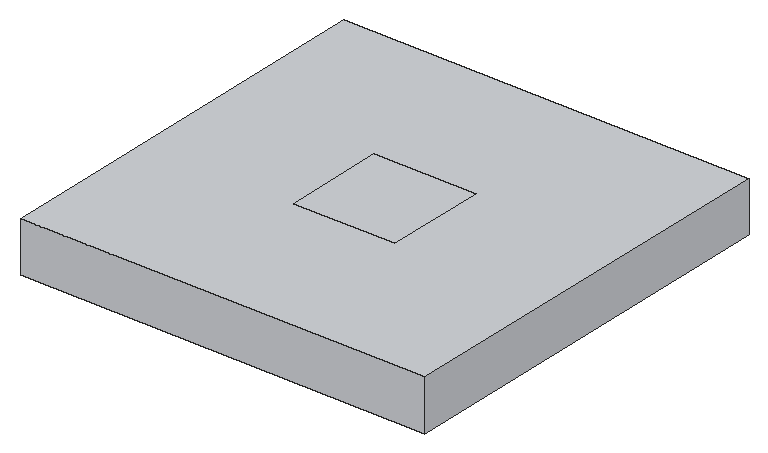
Revit family "8fbdf605053740e59bea5a60ea158862", category Air Terminals, host Face, Revit 2021
Family settings
  Host = Face
  Round Connector Dimension = Use Diameter
  Part Type = Normal
  OmniClass Number = 23.75.70.21.27.11
  OmniClass Title = Diffusers, Registers, and Grilles
  Seek Item ID = Supply Diffuser - Hosted-0000-USA-ENU
  Cut with Voids When Loaded = No
  Shared = No
  Room Calculation Point = No
Parameters (values of type "Workplane-based Supply Diffuser")
  Width 1 = Diffuser Width * 0.65  # 1' - 3.6"
  Diffuser Width = 2' - 0"
  UpArrow [instance] = yes
  Pressure Drop [instance] = 0.0563 in-wg
  RightArrow [instance] = yes
  LeftArrow [instance] = yes
  Flow [instance] = 500 CFM
  Duct Height = Duct Width  # 12"
  DownArrow [instance] = yes
  Diffuser Height = Diffuser Width  # 2' - 0"
  Default Elevation = 4' - 0"
  Duct Width = 12"
  Assembly Code = ""
Reference planes (in)
  plane 1 "Center (Front/Back)": y = 0
  plane 2: z = 0
  plane 3 "Center (Left/Right)": x = 0
Forms (in)
  Extrusion 1, solid
    sketch origin (0, 0, 0) x (1, 0, 0) y (0, 1, 0)
      loop
        line (-48, 48) -> (-48, -48) -> (48, -48) -> (48, 48) -> (-48, 48)
    from 0 to -12
  Blend 2, solid
    base sketch origin (-2.13891, -0.43444, 0) x (1, 0, 0) y (0, 1, 0)
      loop
        line (-3.86109, 6.43444) -> (-3.86109, -5.56556) -> (8.13891, -5.56556) -> (8.13891, 6.43444) -> (-3.86109, 6.43444)
    top sketch origin (-2.13891, -0.43444, 0) x (1, 0, 0) y (0, 1, 0)
      loop
        line (-9.86109, 12.43444) -> (-9.86109, -11.56556) -> (14.13891, -11.56556) -> (14.13891, 12.43444) -> (-9.86109, 12.43444)
    from -4.00994 to 0
Lines and regions (in)
  symbolic lines
    curve 1: line (-12, 12, 0) -> (-12, -12, 0)
    curve 2: line (-12, -12, 0) -> (12, -12, 0)
    curve 3: line (12, -12, 0) -> (12, 12, 0)
    curve 4: line (12, 12, 0) -> (-12, 12, 0)
    curve 5: line (11.77834, -12, 0) -> (-12, 12, 0)
    curve 6: line (-12, -12, 0) -> (12, 12, 0)
Dimensions and locks (in)
  equal spacing: Blend 2 sketch curve, plane 3 "Center (Left/Right)", Blend 2 sketch curve  (x2)
  "Diffuser Width": Blend 2 sketch curve to Blend 2 sketch curve
  equal spacing: Blend 2 sketch curve, plane 1 "Center (Front/Back)", Blend 2 sketch curve  (x2)
  "Diffuser Height": Blend 2 sketch curve to Blend 2 sketch curve
  "Duct Width": Blend 2 sketch curve to Blend 2 sketch curve
  "Duct Height": Blend 2 sketch curve to Blend 2 sketch curve
  "Width 1": nested 1 to plane 3 "Center (Left/Right)"
  "Width 1": plane 1 "Center (Front/Back)" to nested 2
  "Width 1": plane 3 "Center (Left/Right)" to nested 3
  "Width 1": plane 1 "Center (Front/Back)" to nested 4
  aligned and locked: plane 2 to Extrusion 1
  aligned and locked: level to Extrusion 1
  aligned and locked: level to Blend 2
  aligned and locked: Blend 2 to curve 4
  aligned and locked: curve 1 to Blend 2
  aligned and locked: Blend 2 to curve 3
  aligned and locked: curve 2 to Blend 2
Automatic sketch dimensions
  Extrusion 1 sketch curve to Extrusion 1 sketch curve = 8' - 0"  (x2)
  curve 5 to curve 2 = 0' - 0.22166"
Nested families (in)
  nested 1: "Duct Terminal Arrow" at (-15.6, 0, 0) x (-1, 0, 0) z (0, 0, 1), visible <- "LeftArrow", type "Duct Terminal Arrow"
  nested 2: "Duct Terminal Arrow" at (0, 15.6, 0) x (0, 1, 0) z (0, 0, 1), visible <- "DownArrow", type "Duct Terminal Arrow"
  nested 3: "Duct Terminal Arrow" at (15.6, 0, 0), visible <- "RightArrow", type "Duct Terminal Arrow"
  nested 4: "Duct Terminal Arrow" at (0, -15.6, 0) x (0, -1, 0) z (0, 0, 1), visible <- "UpArrow", type "Duct Terminal Arrow"
Connectors (in)
  hvac at (0, 0, -4.00994), driven by "Duct Width", driven by "Duct Width", driven by "Flow", driven by "Pressure Drop"
    settings: on Blend 2, index 0, duct flow 500 CFM, flow factor 0, pres drop 0.0563 in-wg, loss coef 0, conn angle 0.00°, conn width 12", conn height 12", conn diameter 24", duct sys type 1, conn prof type 1, flow config 1, flow direction 1, loss method 4, conn ref index -1, conn util no, is conn primary yes, conn desc ""
Definition of nested family "Duct Terminal Arrow"
  Parameters
    Width = (Length / 2) / cos(15.00°)  # 1.03528"
    Length = 2"
  Reference planes (in)
    plane 1 "Center (Front/Back)": y = 0
    plane 2: z = 0
    plane 3 "Center (Left/Right)": x = 0
  Lines and regions (in)
    Filled region 1, type "Concrete Block", in view "Ref. Level"
      outline origin (0, 0, 0) x (1, 0, 0) y (0, 1, 0)
        loop
          line (1, 0.26795) -> (1, -0.26795) -> (2, 0) -> (1, 0.26795)
    detail lines, in view "Ref. Level"
      curve 1: line (0, 0, 0) -> (2, 0, 0)
      curve 2: line (2, 0, 0) -> (1, 0.26795, 0)
      curve 3: line (2, 0, 0) -> (1, -0.26795, 0)
      curve 4: line (1, 0.26795, 0) -> (1, -0.26795, 0)
  Dimensions and locks (in)
    "Length": curve 1 to curve 1
    "Width": curve 2 to curve 2
    "Width": curve 3 to curve 3
    locked: curve 2 to curve 1 (angle 15.00°)
    locked: curve 1 to curve 3 (angle 15.00°)
    aligned and locked: plane 3 "Center (Left/Right)" to curve 1
    aligned and locked: plane 1 "Center (Front/Back)" to curve 1
    aligned and locked: Filled region 1 sketch curve to curve 4
    aligned and locked: Filled region 1 sketch curve to curve 2
    aligned and locked: Filled region 1 sketch curve to curve 3
